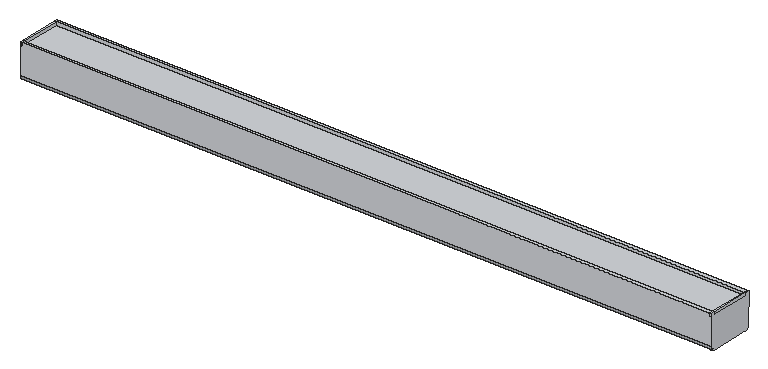
Revit family "SEGA", category Lighting Fixtures, Revit 2022
Family settings
  Round Connector Dimension = Use Diameter
  Part Type = Normal
  OmniClass Number = 23.80.70.00
  OmniClass Title = Lighting
  Work Plane-Based = No
  Always vertical = Yes
  Cut with Voids When Loaded = No
  Light Source = Yes
  Maintain Annotation Orientation = No
  Shared = No
  Room Calculation Point = No
Parameters (values of type "SEGA-24W-2ft-RGBW3000K-60°-without bracket/driver")
  Wattage Comments = "24W"
  Wattage = 6.47628 W
  built-in parameter 1150110 = 1 (stored number, unit not read)
  URL = "https://www.abovealllighting.com/Product/LED-OUTDOOR-FIXTURES/LEDWallWasher/SEGALinearWallWasher.html"
  built-in parameter 1114217 = 1 (stored number, unit not read)
  Tilt Angle = 90.00°
  built-in parameter 1150109 = 1 (stored number, unit not read)
  built-in parameter 1150134 = (empty or 0)
  built-in parameter 1150113 = 1 (stored number, unit not read)
  Power Factor = "0.9"
  Photometric Web File = "SEGA-24W-RGBW3000K-60D.IES"
  Model = "SEGA-2421-RGBW30-DMX-60"
  Manufacturer = "Above All Lighting"  # constant formula
  Lumens = 962 lm
  built-in parameter 1150115 = 1 (stored number, unit not read)
  built-in parameter 1150105 = 76.554 (stored number, unit not read)
  Load Classification = Lighting
  built-in parameter 1150137 = (empty or 0)
  built-in parameter 1150139 = (empty or 0)
  built-in parameter 1150112 = 1 (stored number, unit not read)
  built-in parameter 1150114 = 1 (stored number, unit not read)
  Lamp = "LED"
  L = 2' - 0"
  Input Voltage = "120-277V"
  built-in parameter 1150132 = 2
  built-in parameter 1150102 = (empty or 0)
  built-in parameter 1150138 = (empty or 0)
  built-in parameter 1150107 = 3000 (stored number, unit not read)
  built-in parameter 1150106 = 0.76554 (stored number, unit not read)
  IP Rating = "66"
  IK Rating = "08"
  built-in parameter 1150104 = 13.8 (stored number, unit not read)
  Dimming Lamp Color Temperature Shift = <None>
  Default Elevation = 0' - 0"
  Color Filter = 16777215
  CRI = "80"
  Beam Angle [instance] = 60.00°
  built-in parameter 1114218 = 1 (stored number, unit not read)
  built-in parameter 1150133 = 10 (stored number, unit not read)
Types (3): name | Wattage Comments | Wattage | Photometric Web File | Model | Lumens | built-in parameter 1150105 | L | built-in parameter 1150106 | Beam Angle
  (no name) | "24W" | 6.47628 W | "SEGA-24W-RGBW3000K-60D.IES" | "SEGA-2421-RGBW30-DMX-60" | 962 lm | 76.554 (stored number, unit not read) | 2' - 0" | 0.76554 (stored number, unit not read) | 60.00°
  SEGA-24W-2ft-RGBW3000K-60°-without bracket/driver | "24W" | 6.47628 W | "SEGA-24W-RGBW3000K-60D.IES" | "SEGA-2421-RGBW30-DMX-60" | 962 lm | 76.554 (stored number, unit not read) | 2' - 0" | 0.76554 (stored number, unit not read) | 60.00°
  SEGA-36W-3ft-3000K-30°-without bracket/driver | "36W" | 15.8541 W | "SEGA-36W-3000K-30D-0-10V with grille.IES" | "SEGA-3631-3080-30" | 2355 lm | 187.4 (stored number, unit not read) | 3' - 0" | 1.874 (stored number, unit not read) | 30.00°
Reference planes (in)
  plane 1 "Light Source Axis (F/B)": y = 0
  plane 2: z = 0
  plane 3 "Light Source Axis (L/R)": x = 0
  plane 4 "Light Source Elevation": z = 54
  plane 5: y = 0.79
  plane 6: y = -0.79
Forms (in)
  Extrusion 1, solid
    sketch origin (0, 0, 0) x (0, 1, 0) y (0, 0, 1)
      loop
        line (0.69003, 53.90237) -> (-0.69003, 53.90237) -> (-0.69003, 54) -> (-0.79, 54) -> (-0.79, 52.95861)
        arc (-0.79, 52.95861) -> (-0.7494, 52.8606) -> (-0.65139, 52.82) r 0.13861
        line (-0.65139, 52.82) -> (0.65139, 52.82)
        arc (0.65139, 52.82) -> (0.7494, 52.8606) -> (0.79, 52.95861) r 0.13861
        line (0.79, 52.95861) -> (0.79, 54) -> (0.69003, 54) -> (0.69003, 53.90237)
    from -12 to 12
  Extrusion 2, solid
    sketch origin (0, 0.79, 0) x (1, 0, 0) y (0, 0, 1)
      loop
        line (-12, 54) -> (-12, 53.90237) -> (-11.9375, 53.90237) -> (-11.9375, 54) -> (-12, 54)
      loop
        line (11.9375, 54) -> (11.9375, 53.90237) -> (12, 53.90237) -> (12, 54) -> (11.9375, 54)
    from 0 to 1.58
Lines and regions (in)
  model lines
    curve 1: line (0, 0.69003, 0) -> (0, -0.69003, 0)
Dimensions and locks (in)
  "L": Extrusion 1 to Extrusion 1
  equal spacing: Extrusion 1, imposter light, Extrusion 1
  aligned and locked: plane 3 "Light Source Axis (L/R)" to imposter light
  aligned and locked: plane 1 "Light Source Axis (F/B)" to imposter light
  aligned and locked: plane 4 "Light Source Elevation" to imposter light
  aligned and locked: level to plane 2
  aligned and locked: Extrusion 1 to Extrusion 2  (x2)
Automatic sketch dimensions
  curve 1 to plane 3 "Light Source Axis (L/R)" = 0' - 0"
  curve 1 to plane 6 = 0' - 0.09997"
  plane 5 to curve 1 = 0' - 0.09997"
  Extrusion 1 sketch curve to plane 6 = 0' - 0"
  plane 4 "Light Source Elevation" to Extrusion 1 sketch curve = 0' - 0"  (x2)
  Extrusion 1 sketch curve to plane 5 = 0' - 0"
  Extrusion 1 sketch curve to Extrusion 1 sketch curve = 0' - 0.09997"
  Extrusion 1 sketch curve to Extrusion 1 sketch curve = 0' - 0.13861"
  plane 5 to Extrusion 1 sketch curve = 0' - 0.13861"
  plane 5 to Extrusion 1 sketch curve = 0' - 0.09997"
  plane 4 "Light Source Elevation" to Extrusion 1 sketch curve = 0' - 0.09763"
  Extrusion 1 sketch curve to Extrusion 1 sketch curve = 0' - 0.94376"
  Extrusion 2 sketch curve to plane 4 "Light Source Elevation" = 0' - 0"  (x2)
  plane 4 "Light Source Elevation" to Extrusion 2 sketch curve = 0' - 0.09763"  (x2)
  Extrusion 2 sketch curve to plane 3 "Light Source Axis (L/R)" = 1' - 0"
  Extrusion 2 sketch curve to Extrusion 2 sketch curve = 0' - 0 1/16"  (x2)
  plane 3 "Light Source Axis (L/R)" to Extrusion 2 sketch curve = 0' - 11 15/16"
